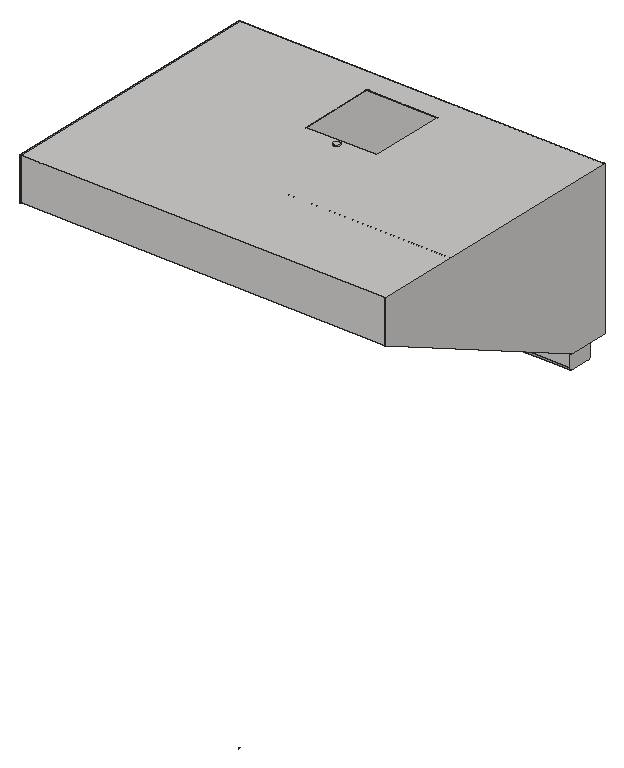
Revit family "QF_ELECTROLUXPROFESSIONAL_644204_AMPV912DT", category Attrezzature speciali, Revit 2021
Family settings
  Quota connettore circolare = Usa diametro
  Tipo di parte = Normale
  Basato su piano di lavoro = No
  Sempre verticale = Sì
  Taglio con vuoti quando caricato = No
  Condiviso = No
  Punto di calcolo locali = No
Parameters (values of type "Standard")
  Weight = 39.00 kg
  Watts = 300 W
  Volts = 220 V
  URL Manufacturer = "https://www.electroluxprofessional.com/"
  URL = "https://www.electroluxprofessional.com/"
  Steam Supply Size = 0 mm
  Steam Supply Minimum Pressure = 0.0 Pa
  Steam Supply Maximum Pressure = 0.0 Pa
  Steam Consumption per Hour = 0
  Refrigeration Suction Line Size = 0 mm
  Refrigeration Liquid Line Size = 0 mm
  Refrigerant Compressor Remote = yes
  Prospetto di default = 0 mm
  Produttore = "Electrolux Professional"
  Phase = 1
  Modello = "AMPV912DT"
  Length Actual = 1200 mm  # constant formula
  Item Number = "644204"
  Hot Water Size = 0 mm
  Height Actual = 500 mm  # constant formula
  HP = "0.4 HP"
  Gas Size = 0 mm
  Gas KW = 0
  Gas Input Pressure = 0 W
  Direct Waste Size = 0 mm
  Descrizione = "304 S/S WALL HOOD+FILTERS+FAN 1200X900MM"
  Depth Actual = 900 mm  # constant formula
  Cycle = 50 Hz
  Condensate Return Size = 0 mm
  Compressed Air Volume = 0.0 L/s
  Compressed Air Size = 0 mm
  Compressed Air Pressure = 0.0 Pa
  Cold Water Size = 0 mm
  Accessory = yes
Reference planes
  plane 1: z = 0
  plane 2 "Center (Left/Right)": x = 150
  plane 3 "LEFT": x = -450
  plane 4 "RIGHT": x = 750
  plane 5 "BACK": y = 550
  plane 6 "Plane": z = 2000
  plane 7 "TOP": z = 2140
  plane 8 "Base": z = 1640
  plane 9: z = 1566
  plane 10 "DrainY": y = 485
  plane 11: x = -447
  plane 12: through (0, 414.509, 1640.8) normal (0, 0.7314, 0.682)
  plane 13: y = 470
  plane 14: y = 220
  plane 15 "DrainX": x = 630
  plane 16: x = 33.5
  plane 17: x = 266.5
  plane 18: x = 747
  plane 19: x = 540
  plane 20: x = 720
  plane 21: x = -410
  plane 22: x = 710
  plane 23: x = -47.5
  plane 24: x = 347.5
  plane 25 "FRONT": y = -350
  plane 26 "Center (Front/Back)": y = 100
  plane 27: y = 200
Forms (mm)
  Extrusion 1, solid, material "QF_Finishes_Stainless Steel"
    sketch origin (-450, 0, 0) x (0, 1, 0) y (0, 0, 1)
      loop
        line (550, 1640) -> (550, 2140) -> (-350, 2140) -> (-350, 1998.736) -> (413.973, 1640) -> (550, 1640)
    from 0 to 3
  Extrusion 2, solid, material "QF_Finishes_Stainless Steel"
    sketch origin (150, 0, 0) x (0, 1, 0) y (0, 0, 1)
      loop
        line (415.255, 1640) -> (550, 1640) -> (550, 2139.19) -> (549.2, 2139.19) -> (549.2, 1640.8) -> (415.876, 1640.8) -> (339.347, 1722.867) -> (349.609, 1732.436) -> (348.927, 1733.167) -> (337.934, 1722.917) -> (415.255, 1640)
      loop
        line (-82.203, 2139.19) -> (-82.203, 2118.6) -> (-31.047, 2118.6) -> (34.354, 2048.466) -> (46.028, 2059.352) -> (45.346, 2060.083) -> (34.403, 2049.879) -> (-30.612, 2119.6) -> (-81.203, 2119.6) -> (-81.203, 2139.19) -> (-82.203, 2139.19)
    from -597 to 597
  Extrusion 3, solid, material "QF_Finishes_Stainless Steel"
    sketch origin (750, 0, 0) x (0, 1, 0) y (0, 0, 1)
      loop
        line (550, 1640) -> (550, 2140) -> (-350, 2140) -> (-350, 1998.736) -> (413.973, 1640) -> (550, 1640)
    from 0 to -3
  Extrusion 4, solid, material "QF_Finishes_Stainless Steel"
    sketch origin (150, 0, 0) x (0, 1, 0) y (0, 0, 1)
      loop
        line (-350, 2140) -> (-350, 2000) -> (-349.2, 2000) -> (-349.2, 2139.19) -> (550, 2139.19) -> (550, 2140) -> (-350, 2140)
    from -600 to 600
  Extrusion 5, solid, material "QF_Finishes_Stainless Steel"
    sketch origin (150, 0, 0) x (0, 1, 0) y (0, 0, 1)
      loop
        line (534, 1640) -> (436, 1640) -> (436, 1627) -> (443.5, 1627) -> (443.5, 1576)
        arc (443.5, 1576) -> (446.429, 1568.929) -> (453.5, 1566) r 10
        line (453.5, 1566) -> (516.5, 1566)
        arc (516.5, 1566) -> (523.571, 1568.929) -> (526.5, 1576) r 10
        line (526.5, 1576) -> (526.5, 1627) -> (534, 1627) -> (534, 1640)
    from 390 to 570
  Extrusion 6, solid, material "QF_Finishes_Stainless Steel"
    sketch origin (0, 0, 1640) x (0, 1, 0) y (-1, 0, 0)
      loop
        circle (485, -630) r 20
    from -76 to -74
  Extrusion 7, solid, material "QF_Finished_Chrome"
    sketch origin (150, 0, 0) x (0, 1, 0) y (0, 0, 1)
      loop
        line (337.934, 1722.917) -> (341.591, 1726.327) -> (38.011, 2051.876) -> (34.354, 2048.466) -> (337.934, 1722.917)
    from -197.5 to -560
  Extrusion 8, solid, material "QF_Finishes_Stainless Steel"
    sketch origin (150, 0, 0) x (0, 1, 0) y (0, 0, 1)
      loop
        line (337.934, 1722.917) -> (341.591, 1726.327) -> (38.011, 2051.876) -> (34.354, 2048.466) -> (337.934, 1722.917)
    from 597 to 560
  Extrusion 9, solid, material "QF_Finished_Chrome"
    sketch origin (150, 0, 0) x (0, 1, 0) y (0, 0, 1)
      loop
        line (341.588, 1726.324) -> (38.009, 2051.874) -> (34.354, 2048.466) -> (337.934, 1722.917) -> (341.588, 1726.324)
    from 197.5 to 560
  Extrusion 10, void
    sketch origin (0, 0, 2140) x (0, 1, 0) y (-1, 0, 0)
      loop
        line (470, -266.5) -> (470, -33.5) -> (220, -33.5) -> (220, -266.5) -> (470, -266.5)
    from 0 to -10
  Extrusion 11, solid, material "QF_Finishes_Stainless Steel"
    sketch origin (0, 0, 0) x (1, 0, 0) y (0, 1, 0)
      loop
        line (-450, 550) -> (-450, 549) -> (-449, 549) -> (-449, 550) -> (-450, 550)
    from 0 to 1
  Extrusion 12, solid, material "QF_Finishes_Stainless Steel"
    sketch origin (150, 0, 0) x (0, 1, 0) y (0, 0, 1)
      loop
        line (337.934, 1722.917) -> (341.591, 1726.327) -> (38.011, 2051.876) -> (34.354, 2048.466) -> (337.934, 1722.917)
    from -560 to -597
  Extrusion 13, solid, material "QF_Finishes_Stainless Steel"
    sketch origin (150, 0, 0) x (0, 1, 0) y (0, 0, 1)
      loop
        line (337.934, 1722.917) -> (341.591, 1726.327) -> (38.011, 2051.876) -> (34.354, 2048.466) -> (337.934, 1722.917)
    from 197.5 to -197.5
  Extrusion 14, solid, material "QF_Finishes_Stainless Steel"
    sketch origin (0, 0, 2140) x (0, 1, 0) y (-1, 0, 0)
      loop
        circle (200, -150) r 10
    from 0 to 1.6
Cuts and joins
  Extrusion 10 cuts Extrusion 4
  joined: Extrusion 2, Extrusion 4
Lines and regions (mm)
  reference lines
    curve 1: line (150, 34.354, 2048.466) -> (150, 34.354, 1888.466)
  symbolic lines, style "SpecialityEquipment", detail levels coarse
    curve 2: line (750, 550, 2140) -> (-450, 550, 2140)
    curve 3: line (-450, 550, 2140) -> (-450, -350, 2140)
    curve 4: line (750, -350, 2140) -> (750, 550, 2140)
    curve 5: line (-450, -350, 2140) -> (750, -350, 2140)
    curve 6: line (266.5, 220, 2140) -> (33.5, 220, 2140)
    curve 7: line (266.5, 470, 2140) -> (266.5, 220, 2140)
    curve 8: line (33.5, 470, 2140) -> (266.5, 470, 2140)
    curve 9: line (33.5, 220, 2140) -> (33.5, 470, 2140)
    curve 10: line (-450, 550, 0) -> (750, -350, 0)
    curve 11: line (750, 550, 0) -> (-450, -350, 0)
Dimensions and locks
  plane 3 "LEFT" to plane 4 "RIGHT" = 1200 mm
  equal spacing: plane 3 "LEFT", plane 2 "Center (Left/Right)", plane 4 "RIGHT"
  locked: plane 6 "Plane" to level at 2000
  plane 7 "TOP" to plane 6 "Plane" = 140 mm
  locked: plane 7 "TOP" to plane 8 "Base" at 500
  plane 8 "Base" to plane 9 = 74 mm
  plane 5 "BACK" to plane 10 "DrainY" = 65 mm  (x2)
  plane 3 "LEFT" to plane 11 = 3 mm
  plane 5 "BACK" to plane 13 = 80 mm
  plane 13 to plane 14 = 250 mm  (x2)
  plane 15 "DrainX" to plane 4 "RIGHT" = 120 mm
  plane 18 to plane 4 "RIGHT" = 3 mm
  locked: plane 19 to plane 15 "DrainX" at 90
  locked: plane 15 "DrainX" to plane 20 at 90
  plane 13 to plane 5 "BACK" = 80 mm
  locked: plane 3 "LEFT" to plane 21 at 40
  locked: plane 22 to plane 4 "RIGHT" at 40
  locked: plane 23 to plane 24 at 395
  equal spacing: plane 23, plane 2 "Center (Left/Right)", plane 24
  locked: plane 16 to plane 17 at 233
  equal spacing: plane 16, plane 2 "Center (Left/Right)", plane 17
  plane 5 "BACK" to plane 25 "FRONT" = 900 mm  (x2)
  equal spacing: plane 5 "BACK", plane 26 "Center (Front/Back)", plane 25 "FRONT"
  plane 14 to plane 27 = 20 mm
  aligned and locked: level to plane 1
  aligned and locked: Extrusion 2 to Extrusion 1
  aligned and locked: Extrusion 2 to Extrusion 3
  aligned and locked: plane 4 "RIGHT" to Extrusion 4
  aligned and locked: Extrusion 4 to plane 3 "LEFT"
  aligned and locked: plane 18 to Extrusion 8
  aligned and locked: Extrusion 10 to plane 16
  aligned and locked: Extrusion 10 to plane 14
  aligned and locked: Extrusion 10 to plane 13
  aligned and locked: Extrusion 2 to Extrusion 4
  aligned and locked: plane 20 to Extrusion 5
  aligned and locked: Extrusion 5 to plane 19
  aligned and locked: Extrusion 8 to plane 22
  aligned and locked: Extrusion 9 to plane 22
  aligned and locked: Extrusion 7 to plane 21
  aligned and locked: Extrusion 12 to plane 11
  aligned and locked: plane 21 to Extrusion 12
  aligned and locked: Extrusion 3 to plane 18
  aligned and locked: Extrusion 10 to plane 17
  aligned and locked: plane 17 to curve 7
  aligned and locked: plane 24 to Extrusion 13
  aligned and locked: Extrusion 13 to plane 23
  aligned and locked: Extrusion 9 to plane 24
Automatic sketch dimensions
  curve 5 to plane 4 "RIGHT" = 0 mm
  curve 6 to plane 14 = 0 mm
  plane 13 to curve 8 = 0 mm
  curve 3 to plane 3 "LEFT" = 0 mm
  curve 3 to plane 5 "BACK" = 0 mm
  curve 6 to plane 16 = 0 mm
  Extrusion 2 sketch curve to plane 12 = 0 mm  (x3)
  Extrusion 2 sketch curve to plane 8 "Base" = 0 mm
  plane 12 to Extrusion 2 sketch curve = 0 mm
  Extrusion 2 sketch curve to plane 5 "BACK" = 0 mm
  Extrusion 2 sketch curve to Extrusion 2 sketch curve = 65.646 mm
  Extrusion 2 sketch curve to Extrusion 2 sketch curve = 0.682 mm  (x2)
  Extrusion 2 sketch curve to Extrusion 2 sketch curve = 10.261 mm
  plane 8 "Base" to Extrusion 2 sketch curve = 82.917 mm
  Extrusion 2 sketch curve to Extrusion 2 sketch curve = 10.942 mm
  Extrusion 2 sketch curve to Extrusion 2 sketch curve = 0.049 mm
  Extrusion 2 sketch curve to plane 7 "TOP" = 20.4 mm
  Extrusion 2 sketch curve to plane 7 "TOP" = 21.4 mm
  Extrusion 2 sketch curve to plane 7 "TOP" = 0.81 mm  (x2)
  Extrusion 2 sketch curve to Extrusion 2 sketch curve = 50.156 mm
  Extrusion 2 sketch curve to Extrusion 2 sketch curve = 1 mm
  plane 8 "Base" to Extrusion 2 sketch curve = 0.8 mm
  Extrusion 2 sketch curve to plane 5 "BACK" = 0.8 mm
  Extrusion 4 sketch curve to plane 6 "Plane" = 0 mm
  Extrusion 4 sketch curve to plane 5 "BACK" = 0 mm
  Extrusion 4 sketch curve to plane 7 "TOP" = 0 mm
  Extrusion 4 sketch curve to plane 7 "TOP" = 0.81 mm
  curve 1 to plane 12 = 0 mm
  curve 1 to plane 6 "Plane" = 111.534 mm
  Extrusion 5 sketch curve to plane 8 "Base" = 0 mm
  Extrusion 5 sketch curve to plane 9 = 0 mm
  Extrusion 5 sketch curve to plane 8 "Base" = 13 mm  (x2)
  plane 13 to Extrusion 5 sketch curve = 34 mm
  Extrusion 5 sketch curve to Extrusion 5 sketch curve = 7.5 mm  (x2)
  Extrusion 5 sketch curve to Extrusion 5 sketch curve = 10 mm
  plane 10 "DrainY" to Extrusion 5 sketch curve = 31.5 mm
  Extrusion 5 sketch curve to plane 5 "BACK" = 23.5 mm
  Extrusion 6 sketch curve to plane 10 "DrainY" = 0 mm
  Extrusion 6 sketch curve to plane 15 "DrainX" = 0 mm
  Extrusion 7 sketch curve to plane 12 = 0 mm  (x2)
  Extrusion 7 sketch curve to Extrusion 7 sketch curve = 3.657 mm
  plane 8 "Base" to Extrusion 7 sketch curve = 82.917 mm
  Extrusion 8 sketch curve to plane 12 = 0 mm  (x2)
  Extrusion 8 sketch curve to Extrusion 8 sketch curve = 3.657 mm
  plane 8 "Base" to Extrusion 8 sketch curve = 82.917 mm
  Extrusion 9 sketch curve to plane 12 = 0 mm  (x2)
  Extrusion 9 sketch curve to Extrusion 9 sketch curve = 3.655 mm
  plane 8 "Base" to Extrusion 9 sketch curve = 82.917 mm
  Extrusion 10 sketch curve to plane 14 = 0 mm
  plane 13 to Extrusion 10 sketch curve = 0 mm
  Extrusion 10 sketch curve to plane 17 = 0 mm
  Extrusion 10 sketch curve to plane 16 = 0 mm
  Extrusion 11 sketch curve to plane 3 "LEFT" = 0 mm
  Extrusion 11 sketch curve to plane 5 "BACK" = 0 mm
  plane 3 "LEFT" to Extrusion 11 sketch curve = 1 mm
  Extrusion 11 sketch curve to Extrusion 11 sketch curve = 1 mm
  Extrusion 12 sketch curve to plane 12 = 0 mm  (x2)
  Extrusion 12 sketch curve to Extrusion 12 sketch curve = 3.657 mm
  plane 8 "Base" to Extrusion 12 sketch curve = 82.917 mm
  Extrusion 13 sketch curve to plane 12 = 0 mm  (x2)
  Extrusion 13 sketch curve to Extrusion 13 sketch curve = 3.657 mm
  plane 8 "Base" to Extrusion 13 sketch curve = 82.917 mm
  Extrusion 4 sketch curve to Extrusion 4 sketch curve = 0.8 mm
  curve 5 to plane 14 = 570 mm
  plane 6 "Plane" to Extrusion 2 sketch curve = 48.466 mm
  Extrusion 4 sketch curve to plane 14 = 569.2 mm
  curve 1 to plane 14 = 185.646 mm
  plane 6 "Plane" to Extrusion 7 sketch curve = 51.876 mm
  plane 6 "Plane" to Extrusion 8 sketch curve = 51.876 mm
  plane 6 "Plane" to Extrusion 9 sketch curve = 51.874 mm
  plane 6 "Plane" to Extrusion 12 sketch curve = 51.876 mm
  plane 6 "Plane" to Extrusion 13 sketch curve = 51.876 mm
  Extrusion 3 sketch curve to plane 7 "TOP" = 0 mm
  Extrusion 3 sketch curve to plane 8 "Base" = 0 mm
  Extrusion 3 sketch curve to plane 5 "BACK" = 0 mm
  Extrusion 3 sketch curve to plane 25 "FRONT" = 0 mm
  plane 13 to Extrusion 3 sketch curve = 56.027 mm
  Extrusion 3 sketch curve to plane 6 "Plane" = 1.264 mm
  Extrusion 1 sketch curve to plane 7 "TOP" = 0 mm
  Extrusion 1 sketch curve to plane 8 "Base" = 0 mm
  Extrusion 1 sketch curve to plane 12 = 0.937 mm
  Extrusion 1 sketch curve to plane 5 "BACK" = 0 mm
  Extrusion 1 sketch curve to plane 25 "FRONT" = 0 mm
  Extrusion 1 sketch curve to plane 6 "Plane" = 1.264 mm
  curve 11 to plane 3 "LEFT" = 0 mm
  curve 10 to plane 3 "LEFT" = 0 mm
  curve 11 to plane 4 "RIGHT" = 0 mm
  curve 10 to plane 4 "RIGHT" = 0 mm
  curve 10 to plane 25 "FRONT" = 0 mm
  curve 11 to plane 25 "FRONT" = 0 mm
  curve 11 to plane 5 "BACK" = 0 mm
  curve 10 to plane 5 "BACK" = 0 mm
  Extrusion 14 sketch curve to plane 2 "Center (Left/Right)" = 0 mm
  Extrusion 14 sketch curve to plane 27 = 0 mm
  radius of Extrusion 6 sketch curve = 20 mm
  radius of Extrusion 14 sketch curve = 10 mm
Connectors
  piping at (630, 485, 1564), diameter 20
    settings: on Extrusion 6, index 1, connector inside diameter 609.6 mm, connector length 0 mm, flow factor 0, pipe flow 0.0 L/s, pressure drop 0.0 Pa, fitting loss kfactor 0, connector angle 0.00°, fixture units 0, engagement length 0 mm, angle of deflection 0.00°, flow configuration 1, flow direction 2, fitting loss method 0, system type 16, joint type 0, gender type 0, connector reference index -1, connector utility 0, adjustable connector no, is connector primary yes, connector description "Drain"
  hvac at (150, 345, 2140)
    settings: on Extrusion 10, index 2, duct flow 0.0 L/s, flow factor 0, pres drop 0.0 Pa, loss coef 0, conn angle 0.00°, conn width 250 mm, conn height 233 mm, conn diameter 609.6 mm, duct sys type 3, conn prof type 1, flow config 0, flow direction 2, loss method 0, conn ref index -1, conn util no, is conn primary yes, conn desc "EXHAUST OUTLET"
  electrical at (150, 200, 2141.6), driven by "Volts"
    settings: on Extrusion 14, index 3, voltage 220 V, apparent load 0 VA, apparent load phase1 0 VA, apparent load phase2 0 VA, apparent load phase3 0 VA, power factor 1, load classification "Other", number of poles 1, system type 30, power factor state 1, is connector primary yes, connector utility no, sub classification motor no, connector description "Electrical Connection"
